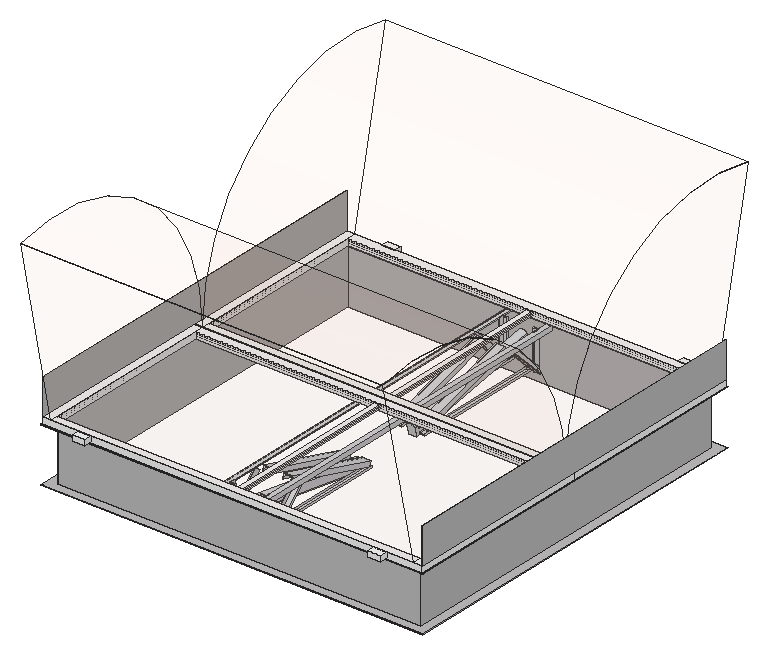
Revit family "Aluco Fire SP 2P (HI) (en)", category Generic Models, Revit 2020
Family settings
  Can host rebar = No
  Round Connector Dimension = Use Diameter
  Part Type = Normal
  OmniClass Number = 23.60.70.14.11
  OmniClass Title = Smoke Dampers
  Work Plane-Based = Yes
  Always vertical = No
  Cut with Voids When Loaded = Yes
  Shared = No
  Room Calculation Point = No
Parameters (values of type "bridge-free system with pneumatic drive")
  Opening length [instance] = [Vent width (B)] + 2 * [Opening narrowing (Length)]  # 2000 mm
  Note [instance] = if(or([Vent span (A)] > 3000 mm, [Vent span (A)] < 1800 mm, [Vent width (B)] > 3500 mm, [Vent width (B)] < 1900 mm), "The manufacturer's recommended dimensions have been exceeded", "-")  # "-"
  Opening narrowing (span) [instance] = 0 mm
  Opening narrowing (Length) [instance] = 0 mm
  Wind exposure classification = "WL 1500"  # constant formula
  Vent width (B) [instance] = 2000 mm
  Vent span (A) [instance] = 2000 mm
  Space for thermal insulation [instance] = if([Space for thermal insulation (variant)] < 2, 50 mm, if([Space for thermal insulation (variant)] < 3, 80 mm, if([Space for thermal insulation (variant)] < 4, 100 mm, if([Space for thermal insulation (variant)] < 5, 150 mm, 200 mm))))  # 50 mm
  Smoke exhaust surface [instance] = 1.00 m² * size_lookup("ALUCO FIRE SP 2P (HI)", if(and([Opening narrowing (span)] = 0 mm, [Opening narrowing (Length)] = 0 mm, Deflectors), "Prosta z owiewkami", if(and([Opening narrowing (span)] = 0 mm, [Opening narrowing (Length)] = 0 mm, not(Deflectors)), "Prosta bez owiewek", if(and(or([Opening narrowing (span)] > 0 mm, [Opening narrowing (Length)] > 0 mm), Deflectors), "Skośna z owiewkami", "Skośna bez owiewek"))), 0 mm, round([Vent span (A)] / 100 mm) * 100 mm, round([Vent width (B)] / 100 mm) * 100 mm) / 1 mm  # 2.62 m²
  Reliability of operation = "RE 10000"  # constant formula
  Range of motion [instance] = yes
  URL = "https://aluco.com.pl/"
  Profile material = Aluco - aluminum
  Product URL = "https://aluco.com.pl/oferta/oddymianie/klapy-punktowe/"
  Power supply = 0 V
  Panel thickness [instance] = if([Filling thickness (variant)] < 3, 10 mm, if([Filling thickness (variant)] < 5, 16 mm, if([Filling thickness (variant)] < 7, 20 mm, if([Filling thickness (variant)] < 9, 25 mm, if([Filling thickness (variant)] < 11, 20 mm, if([Filling thickness (variant)] < 13, 26 mm, 32 mm))))))  # 10 mm
  Panel material = Aluco - polycarbonate
  Opening span [instance] = [Vent span (A)] + 2 * [Opening narrowing (span)]  # 2000 mm
  Opening angle = 90.00°  # constant formula
  High temperature resistance class = "B 300"  # constant formula
  Heat transfer coefficient [instance] = "For verification after contact with the Manufacturer"  # constant formula
  Fall protection safety grids [instance] = no
  Economic system = no
  Drive type = "pneumatic drive"
  Deflector material = Aluco - galvanized steel
  Confirmed performance in extremely low temperatures = "T -15"  # constant formula
  Bridge-free system = not(Economic system)  # yes
  Span [instance] = "from 1800 mm x 1900 mm to 3000 mm x 3500 mm"  # constant formula
  Space for thermal insulation (variant) [instance] = 0
  Maximum snow load = "SL 2000"  # constant formula
  Manufacturer = "ALUCO SYSTEM SP. Z O.O"  # constant formula
  Geometric surface [instance] = 1.00 m² * size_lookup("ALUCO FIRE SP 2P (HI)", "Powierzchnia geometryczna", 0 mm, round([Vent span (A)] / 100 mm) * 100 mm, round([Vent width (B)] / 100 mm) * 100 mm) / 1 mm  # 4.00 m²
  Description = "Double-leaf smoke damper with a straight and straight-slant base"  # constant formula
  Type Image = ALUCO FIRE SP 1P (HI).png
  Installation [instance] = if(and([Opening narrowing (span)] = 0 mm, [Opening narrowing (Length)] = 0 mm), "montage on a straight base", "montage on a straight-slant base")  # "montage on a straight base"
  Model = "Fire SP 2P (HI)"
  Type Comments = "Smoke damper in a bridge-free system with increased thermal insulation"
  Safety classification against drop from height = "SB 1200"  # constant formula
  Fire protection class = "BRoof (t1)"  # constant formula
  Catalog card [instance] = "no link to the card"
  IfcExportAs = "\"IfcWindowType\""
  Filling thickness (variant) [instance] = 1
  Base panel thickness (variant) [instance] = 0
  Deflectors [instance] = yes
  Default Elevation = 0 mm  # constant formula
  Base panel thickness [instance] = if([Base panel thickness (variant)] < 2, 1.5 mm, 2 mm)  # 1.5 mm
  Base material = Aluco - galvanized steel
  Base height [instance] = 300 mm
Types (7, lengths in mm): name | Power supply | Economic system | Drive type | Bridge-free system | Model | Type Comments
  (no name) | 0 V | no | "pneumatic drive" | yes | "Fire SP 2P (HI)" | "Smoke damper in a bridge-free system with increased thermal insulation"
  bridge-free system with pneumatic drive | 0 V | no | "pneumatic drive" | yes | "Fire SP 2P (HI)" | "Smoke damper in a bridge-free system with increased thermal insulation"
  economical system with pneumatic drive | 0 V | yes | "pneumatic drive" | no | "Fire SP 2P" | "Smoke damper in a economical system"
  bridge-free system with pneumatic-electric drive | 230 V | no | "pneumatic-electric drive" | yes | "Fire SP 2P (HI)" | "Smoke damper in a bridge-free system with increased thermal insulation"
  bridge-free system with electric drive | 230 V | no | "electric drive" | yes | "Fire SP 2P (HI)" | "Smoke damper in a bridge-free system with increased thermal insulation"
  economical system with pneumatic-electric drive | 230 V | yes | "pneumatic-electric drive" | no | "Fire SP 2P" | "Smoke damper in a economical system"
  economical system with electric drive | 230 V | yes | "electric drive" | no | "Fire SP 2P" | "Smoke damper in a economical system"
Reference planes
  plane 1 "Środek (Przód/Tył)": y = 0
  plane 2: z = 0
  plane 3 "Środek (Lewa/Prawa)": x = 205.773
  plane 4: z = 300
  plane 5: x = -794.227
  plane 6: y = 1000
  plane 7: x = 1205.773
  plane 8: y = -1000
  plane 9: x = -794.227
  plane 10: y = -1000
  plane 11: x = 1205.773
  plane 12: y = 1000
  plane 13: x = -794.227
  plane 14: x = 1205.773
  plane 15: z = 500
  plane 16: z = -700
Forms (mm)
  Extrusion 1, solid, material "Aluco - galvanized steel" <- "Base material", detail levels medium+fine
    sketch origin (0, 0, 0) x (1, 0, 0) y (0, 1, 0)
      loop
        line (-845.727, 1051.5) -> (-845.727, -1051.5) -> (1257.273, -1051.5) -> (1257.273, 1051.5) -> (-845.727, 1051.5)
      loop
        line (-794.227, 1000) -> (-794.227, -1000) -> (1205.773, -1000) -> (1205.773, 1000) -> (-794.227, 1000)
    from 0 to 1.5 <- "Base panel thickness"
  Extrusion 2, solid, material "Aluco - galvanized steel" <- "Base material", detail levels medium+fine
    sketch origin (4267.2, -1436.636, 300) x (0, -1, 0) y (1, 0, 0)
      loop
        line (-2436.636, -5061.427) -> (-436.636, -5061.427) -> (-436.636, -3061.427) -> (-2436.636, -3061.427) -> (-2436.636, -5061.427)
      loop
        line (-2488.136, -5112.927) -> (-385.136, -5112.927) -> (-385.136, -3009.927) -> (-2488.136, -3009.927) -> (-2488.136, -5112.927)
    from 0 to 1.5
  Blend 3, solid, material "Aluco - galvanized steel" <- "Base material", detail levels medium+fine
    base sketch origin (0, 0, 0) x (1, 0, 0) y (0, 1, 0)
      loop
        line (-795.727, 1001.5) -> (-795.727, -1001.5) -> (1207.273, -1001.5) -> (1207.273, 1001.5) -> (-795.727, 1001.5)
    top sketch origin (0, 0, 0) x (1, 0, 0) y (0, 1, 0)
      loop
        line (-795.727, 1001.5) -> (-795.727, -1001.5) -> (1207.273, -1001.5) -> (1207.273, 1001.5) -> (-795.727, 1001.5)
    from 0 to 300
  Blend 4, void
    base sketch origin (0, 0, 0) x (1, 0, 0) y (0, 1, 0)
      loop
        line (-794.227, 1000) -> (-794.227, -1000) -> (1205.773, -1000) -> (1205.773, 1000) -> (-794.227, 1000)
    top sketch origin (0, 0, 0) x (1, 0, 0) y (0, 1, 0)
      loop
        line (-794.227, 1000) -> (-794.227, -1000) -> (1205.773, -1000) -> (1205.773, 1000) -> (-794.227, 1000)
    from 0 to 300
  Extrusion 5, solid, detail levels coarse
    sketch origin (0, 0, 0) x (1, 0, 0) y (0, 1, 0)
      loop
        line (-794.227, 1000) -> (-794.227, -1000) -> (1205.773, -1000) -> (1205.773, 1000) -> (-794.227, 1000)
    from 0 to 500
  Extrusion 6, void
    sketch origin (0, 0, 0) x (1, 0, 0) y (0, 1, 0)
      loop
        line (-794.227, 1000) -> (-794.227, -1000) -> (1205.773, -1000) -> (1205.773, 1000) -> (-794.227, 1000)
    from -700 to 300
  Extrusion 7, solid, material "Aluco - fall protection safety grids", visible <- "Fall protection safety grids"
    sketch origin (4267.2, -1436.636, 300) x (0, -1, 0) y (1, 0, 0)
      loop
        line (-436.636, -5061.427) -> (-436.636, -3061.427) -> (-2436.636, -3061.427) -> (-2436.636, -5061.427) -> (-436.636, -5061.427)
    from 0 to -5
Cuts and joins
  Blend 4 cuts Blend 3
  joined: Extrusion 1, Extrusion 2, Blend 3
Lines and regions (mm)
  reference lines
    curve 1: line (-844.227, 1050, 0) -> (1255.773, 1050, 0)
    curve 2: line (-844.227, -1050, 0) -> (-844.227, 1050, 0)
    curve 3: line (1255.773, -1050, 0) -> (-844.227, -1050, 0)
    curve 4: line (1255.773, 1050, 0) -> (1255.773, -1050, 0)
    curve 5: line (-844.227, 1050, 0) -> (1255.773, 1050, 0)
    curve 6: line (-844.227, -1050, 0) -> (-844.227, 1050, 0)
    curve 7: line (1255.773, -1050, 0) -> (-844.227, -1050, 0)
    curve 8: line (1255.773, 1050, 0) -> (1255.773, -1050, 0)
Dimensions and locks
  "Base height": plane 4 to level
  equal spacing: plane 5, plane 3 "Środek (Lewa/Prawa)", plane 7
  "Opening length": plane 5 to plane 7
  equal spacing: plane 6, plane 1 "Środek (Przód/Tył)", plane 8
  "Opening span": plane 6 to plane 8
  equal spacing: plane 10, plane 1 "Środek (Przód/Tył)", plane 12
  "Vent span (A)": plane 10 to plane 12
  equal spacing: plane 9, plane 3 "Środek (Lewa/Prawa)", plane 11
  "Vent width (B)": plane 9 to plane 11
  "Space for thermal insulation": curve 5 to plane 6
  "Space for thermal insulation": curve 6 to plane 5
  "Space for thermal insulation": curve 2 to plane 9
  "Space for thermal insulation": plane 12 to curve 1
  "Space for thermal insulation": plane 11 to curve 4
  "Space for thermal insulation": plane 10 to curve 3
  "Space for thermal insulation": curve 7 to plane 8
  "Space for thermal insulation": plane 7 to curve 8
  "Base panel thickness": curve 8 to Extrusion 1 sketch curve
  "Base panel thickness": curve 7 to Extrusion 1 sketch curve
  "Base panel thickness": curve 5 to Extrusion 1 sketch curve
  "Base panel thickness": Extrusion 1 sketch curve to curve 6
  "Base panel thickness": Extrusion 2 sketch curve to curve 2
  "Base panel thickness": curve 4 to Extrusion 2 sketch curve
  "Base panel thickness": Extrusion 2 sketch curve to curve 1
  "Base panel thickness": Extrusion 2 sketch curve to curve 3
  "Base panel thickness": Blend 3 sketch curve to plane 5
  "Base panel thickness": plane 8 to Blend 3 sketch curve
  "Base panel thickness": plane 7 to Blend 3 sketch curve
  "Base panel thickness": Blend 3 sketch curve to plane 6
  "Base panel thickness": plane 11 to Blend 3 sketch curve
  "Base panel thickness": plane 12 to Blend 3 sketch curve
  "Base panel thickness": plane 10 to Blend 3 sketch curve
  "Base panel thickness": Blend 3 sketch curve to plane 9
  "Vent width (B)": plane 13 to plane 14
  equal spacing: plane 13, plane 3 "Środek (Lewa/Prawa)", plane 14
  locked: plane 15 to plane 4 at 200
  locked: plane 2 to plane 16 at 700
  equal spacing: nested 1, plane 1 "Środek (Przód/Tył)", nested 3
  aligned and locked: level to plane 2
  aligned and locked: Extrusion 1 sketch curve to plane 5
  aligned and locked: Extrusion 1 sketch curve to plane 6
  aligned and locked: Extrusion 1 sketch curve to plane 7
  aligned and locked: Extrusion 1 sketch curve to plane 8
  aligned and locked: Extrusion 2 sketch curve to plane 9
  aligned and locked: Extrusion 2 sketch curve to plane 12
  aligned and locked: Extrusion 2 sketch curve to plane 11
  aligned and locked: Extrusion 2 sketch curve to plane 10
  aligned and locked: plane 4 to Blend 3
  aligned and locked: Blend 4 sketch curve to plane 5
  aligned and locked: Blend 4 sketch curve to plane 6
  aligned and locked: Blend 4 sketch curve to plane 7
  aligned and locked: Blend 4 sketch curve to plane 8
  aligned and locked: Blend 4 sketch curve to plane 9
  aligned and locked: Blend 4 sketch curve to plane 10
  aligned and locked: Blend 4 sketch curve to plane 11
  aligned and locked: Blend 4 sketch curve to plane 12
  aligned and locked: plane 4 to Blend 4
  aligned and locked: plane 10 to nested 1
  aligned and locked: plane 12 to nested 1
  aligned and locked: nested 2 to plane 3 "Środek (Lewa/Prawa)"
  aligned and locked: nested 3 to plane 3 "Środek (Lewa/Prawa)"
  aligned and locked: Extrusion 5 to plane 15
  aligned and locked: Extrusion 5 to plane 2
  aligned and locked: Extrusion 6 sketch curve to plane 6
  aligned and locked: plane 5 to Extrusion 6 sketch curve
  aligned and locked: Extrusion 6 sketch curve to plane 8
  aligned and locked: Extrusion 6 sketch curve to plane 7
  aligned and locked: Extrusion 6 to plane 16
  aligned and locked: plane 4 to Extrusion 6
  aligned and locked: Extrusion 5 sketch curve to plane 5
  aligned and locked: Extrusion 5 sketch curve to plane 7
  aligned and locked: Extrusion 5 sketch curve to plane 8
  aligned and locked: Extrusion 5 sketch curve to plane 6
  aligned and locked: Extrusion 7 sketch curve to plane 13
  aligned and locked: Extrusion 7 sketch curve to plane 14
  aligned and locked: Extrusion 7 sketch curve to plane 10
  aligned and locked: Extrusion 7 sketch curve to plane 12
Nested families
  nested 1: "Double-leaf damper actuator" at (205.773, -1000, 300) x (0, 1, 0) z (0, 0, 1), type "Double-leaf damper actuator", detail levels fine
    with Długość prowadnic 2000 mm
  nested 2: "Damper" at (705.773, 523.25, 300) x (-1, 0, 0) z (0, 0, 1), Materiał profili <- "Profile material", Materiał płyty <- "Panel material", Rozpiętość klapy <- "Vent width (B)", Szerokość klapy <- "Vent width (B)", Materiał owiewki <- "Deflector material", Owiewki <- "Deflectors", Zakres ruchu <- "Range of motion", type "Damper", detail levels medium+fine
    with Zakres ruchu yes, Szerokość klapy 2000 mm, Rozpiętość klapy 2000 mm, Owiewki yes, Materiał płyty Aluco - polycarbonate, Materiał profili Aluco - aluminum, Materiał owiewki Aluco - galvanized steel, Grubość wypełnienia (wariant) 1, Grubość płyty 10 mm, Grubość profilu' 46.5 mm, Grubość profilu 35 mm
  nested 3: "Actuator" at (205.773, 1000, 300) x (0, -1, 0) z (0, 0, 1), type "Actuator", detail levels fine
    with Długość prowadnic 1500 mm
Connectors
  electrical at (205.773, 0, 0), driven by "Power supply"
    settings: index 1, voltage 0 V, apparent load 0 VA, apparent load phase1 0 VA, apparent load phase2 0 VA, apparent load phase3 0 VA, power factor 1, load classification "Inne", number of poles 1, system type 30, power factor state 1, is connector primary yes, connector utility no, sub classification motor no, connector description ""
Definition of nested family "Double-leaf damper actuator"
  Parameters (values of type "Siłownik klapy jednoskrzydłowej zamkniętej")
    Define Thermal Properties by = 1
    Analytic Construction = "<Brak>"
    Długość prowadnic [instance] = 1500 mm
    Default Elevation = 0 mm  # constant formula
  Reference planes
    plane 1 "Środek (Przód/Tył)": y = 0
    plane 2: z = 0
    plane 3 "Środek (Lewa/Prawa)": x = 0
    plane 4: z = -200
    plane 5: y = -125
    plane 6: y = 125
    plane 7: x = 600
    plane 8: x = 1500
    plane 9: y = -98
    plane 10: y = 98
    plane 11: y = -78
    plane 12: y = 78
    plane 13: x = 1500
    plane 14: x = 1464.07
    plane 15: z = -77
    plane 16: z = -250
    plane 17: x = -110
    plane 18: x = 1800
    plane 19: x = 290
    plane 20: x = 60.93
    plane 21: x = 1087.93
    plane 22: x = 41.93
    plane 23: x = 1060.884
    plane 24: x = 265
    plane 25: x = 864.842
  Forms (mm)
    Extrusion 1, solid
      sketch origin (0, 0, 0) x (1, 0, 0) y (0, 1, 0)
        loop
          line (-1219.2, 1219.2) -> (-1219.2, -1219.2) -> (1219.2, -1219.2) -> (1219.2, 1219.2) -> (-1219.2, 1219.2)
      from 0 to -304.8
    Sweep 2, solid, detail levels medium+fine
      path in 3D
        loop
          line (0, -125, 0) -> (1500, -125, 0)
      profile origin (750, -125, 0) x (0, 0, 1) y (0, -1, 0)
        loop
          line (0, -27) -> (0, 0) -> (-27, 0) -> (-27, -3) -> (-3, -3) -> (-3, -27) -> (0, -27)
    Sweep 3, solid, detail levels medium+fine
      path in 3D
        loop
          line (0, 125, 0) -> (1500, 125, 0)
      profile origin (750, 125, 0) x (0, 0, -1) y (0, 1, 0)
        loop
          line (0, -27) -> (3, -27) -> (3, -3) -> (27, -3) -> (27, 0) -> (0, 0) -> (0, -27)
    Sweep 4, solid, detail levels medium+fine
      path origin (73.93, -98, 0) x (1, 0, 0) y (0, 0, 1)
        loop
          line (0, 0) -> (0, -200)
      profile origin (73.93, -98, -100) x (0, -1, 0) y (1, 0, 0)
        loop
          line (-27, -13) -> (0, -13) -> (0, 14) -> (-3, 14) -> (-3, -10) -> (-27, -10) -> (-27, -13)
    Sweep 5, solid, detail levels medium+fine
      path origin (73.93, 98, 0) x (1, 0, 0) y (0, 0, -1)
        loop
          line (0, 0) -> (0, 200)
      profile origin (73.93, 98, -100) x (0, 1, 0) y (-1, 0, 0)
        loop
          line (-27, 13) -> (-27, 10) -> (-3, 10) -> (-3, -14) -> (0, -14) -> (0, 13) -> (-27, 13)
    Sweep 6, solid, detail levels medium+fine
      path in 3D
        loop
          line (87.677, -98.752, -199.873) -> (260.918, -98.752, -26.632)
      profile origin (174.297, -98.752, -113.252) x (-0.707107, 0, 0.707107) y (0, -1, 0)
        loop
          line (29.82, 3) -> (2.82, 3) -> (2.82, 30) -> (-0.18, 30) -> (-0.18, 0) -> (29.82, 0) -> (29.82, 3)
    Sweep 7, solid, detail levels medium+fine
      path in 3D
        loop
          line (87.677, 98, -199.873) -> (260.918, 98, -26.632)
      profile origin (174.297, 98, -113.252) x (0.707107, 0, -0.707107) y (0, 1, 0)
        loop
          line (-29.82, 3) -> (-29.82, 0) -> (0.18, 0) -> (0.18, 30) -> (-2.82, 30) -> (-2.82, 3) -> (-29.82, 3)
    Sweep 8, solid, detail levels medium+fine
      path in 3D
        loop
          line (50.727, 63, -200.156) -> (817.931, 63, -200.156)
      profile origin (434.329, 63, -200.156) x (0, 0, -1) y (0, 1, 0)
        loop
          line (0, 0) -> (0, 15) -> (-8, 15) -> (-8, 13.5) -> (-1.5, 13.5) -> (-1.5, -13.5) -> (-8, -13.5) -> (-8, -15) -> (0, -15) -> (0, 0)
    Sweep 9, solid, detail levels medium+fine
      path in 3D
        loop
          line (87.931, -63, -200.156) -> (817.931, -63, -200.156)
      profile origin (452.931, -63, -200.156) x (0, 0, 1) y (0, -1, 0)
        loop
          line (-0.001, -15) -> (8, -15) -> (8, -13.517) -> (1.5, -13.517) -> (1.5, 13.5) -> (7.999, 13.5) -> (7.999, 15) -> (-0.001, 15) -> (-0.001, -15)
    Sweep 10, solid, detail levels medium+fine
      path in 3D
        loop
          line (41.93, 0, -77) -> (808.69, 0, -207.193)
      profile origin (425.31, 0, -142.096) x (0.1674, 0, 0.985889) y (0, -1, 0)
        loop
          line (-26.036, 0) -> (-26.036, -20) -> (-22.5, -23.536) -> (22.5, -23.536)
          arc (22.5, -23.536) -> (35.498, 0) -> (22.5, 23.536) r 27.807
          line (22.5, 23.536) -> (-22.5, 23.536) -> (-26.036, 20) -> (-26.036, 0)
    Sweep 11, solid, detail levels medium+fine
      path in 3D
        loop
          line (802.089, -54.464, -173.632) -> (265, -54.464, -15.092)
      profile origin (533.545, -54.464, -94.362) x (-0.283108, 0, -0.959088) y (0, -1, 0)
        loop
          line (11.579, -23.536) -> (11.579, -20.536) -> (-12.421, -20.536) -> (-12.421, 20.536) -> (11.579, 20.536) -> (11.579, 23.536) -> (-15.421, 23.536) -> (-15.421, -23.536) -> (11.579, -23.536)
    Sweep 12, solid, detail levels medium+fine
      path in 3D
        loop
          line (802.089, 55.536, -173.632) -> (265, 55.536, -15.092)
      profile origin (533.545, 55.536, -94.362) x (-0.283108, 0, -0.959088) y (0, -1, 0)
        loop
          line (11.579, -23.536) -> (11.579, -20.536) -> (-12.421, -20.536) -> (-12.421, 20.536) -> (11.579, 20.536) -> (11.579, 23.536) -> (-15.421, 23.536) -> (-15.421, -23.536) -> (11.579, -23.536)
  Lines and regions (mm)
    reference lines
      curve 1: line (0, -125, 0) -> (1500, -125, 0)
      curve 2: line (0, 125, 0) -> (1500, 125, 0)
      curve 9: line (41.93, 0, -77) -> (1060.8, 0, -250)
      curve 11: line (864.842, -54.464, -192.156) -> (265, -54.464, -15.092)
      curve 13: line (864.842, 55.536, -192.156) -> (265, 55.536, -15.092)
    sketch lines
      curve 3: line (0, -125, 0) -> (1500, -125, 0)
      curve 4: line (0, 125, 0) -> (1500, 125, 0)
      curve 5: line (87.677, -98.752, -199.873) -> (260.918, -98.752, -26.632)
      curve 6: line (87.677, 98, -199.873) -> (260.918, 98, -26.632)
      curve 7: line (50.727, 63, -200.156) -> (817.931, 63, -200.156)
      curve 8: line (87.931, -63, -200.156) -> (817.931, -63, -200.156)
      curve 10: line (41.93, 0, -77) -> (808.69, 0, -207.193)
      curve 12: line (802.089, -54.464, -173.632) -> (265, -54.464, -15.092)
      curve 14: line (802.089, 55.536, -173.632) -> (265, 55.536, -15.092)
  Dimensions and locks
    "Długość prowadnic": plane 8 to plane 3 "Środek (Lewa/Prawa)"
    locked: plane 2 to plane 4 at 200
    equal spacing: plane 5, plane 1 "Środek (Przód/Tył)", plane 6
    locked: plane 5 to plane 6 at 250
    locked: plane 9 to plane 11 at 20
    locked: plane 12 to plane 10 at 20
    equal spacing: plane 11, plane 1 "Środek (Przód/Tył)", plane 12, locked at 78 each
    plane 17 to plane 19 = 400 mm
    aligned and locked: plane 2 to Extrusion 1
    aligned and locked: level to Extrusion 1
    aligned and locked: plane 5 to curve 1
    aligned and locked: plane 20 to Sweep 5
    aligned and locked: plane 20 to Sweep 4
    aligned and locked: plane 22 to curve 9
    aligned and locked: plane 24 to curve 11
    aligned and locked: curve 11 to Sweep 9
  Automatic sketch dimensions
    Extrusion 1 sketch curve to Extrusion 1 sketch curve = 2438.4 mm  (x2)
    curve 9 to plane 16 = 0 mm
    curve 9 to plane 15 = 0 mm
    plane 23 to curve 9 = 0.084 mm
    curve 1 to level = 0 mm
    curve 1 to plane 3 "Środek (Lewa/Prawa)" = 0 mm
    plane 8 to curve 1 = 0 mm
    curve 2 to level = 0 mm
    curve 2 to plane 3 "Środek (Lewa/Prawa)" = 0 mm
    plane 8 to curve 2 = 0 mm
    Sweep 2 sketch curve to profile plane = 0 mm
    profile plane to Sweep 2 sketch curve = 0 mm
    Sweep 2 sketch curve to Sweep 2 sketch curve = 3 mm
    Sweep 2 sketch curve to profile plane = 3 mm
    Sweep 2 sketch curve to Sweep 2 sketch curve = 24 mm  (x2)
    Sweep 3 sketch curve to profile plane = 0 mm  (x2)
    Sweep 3 sketch curve to Sweep 3 sketch curve = 3 mm  (x2)
    Sweep 3 sketch curve to Sweep 3 sketch curve = 24 mm  (x2)
    plane 25 to curve 11 = 0 mm
    plane 4 to curve 11 = 7.844 mm
    curve 11 to level = 15.092 mm
    plane 24 to curve 13 = 0 mm
    plane 25 to curve 13 = 0 mm
    plane 4 to curve 13 = 7.844 mm
    curve 13 to level = 15.092 mm
    Sweep 4 sketch curve to plane 4 = 0 mm
    Sweep 4 sketch curve to level = 0 mm
    Sweep 4 sketch curve to plane 20 = 13 mm
    profile plane to Sweep 4 sketch curve = 0 mm
    Sweep 4 sketch curve to profile plane = 3 mm
    Sweep 4 sketch curve to Sweep 4 sketch curve = 24 mm
    profile plane to Sweep 4 sketch curve = 13 mm
    Sweep 4 sketch curve to Sweep 4 sketch curve = 3 mm
    Sweep 4 sketch curve to profile plane = 14 mm
    Sweep 5 sketch curve to plane 4 = 0 mm
    Sweep 5 sketch curve to level = 0 mm
    Sweep 5 sketch curve to plane 20 = 13 mm
    Sweep 5 sketch curve to profile plane = 0 mm
    Sweep 5 sketch curve to profile plane = 3 mm
    Sweep 5 sketch curve to Sweep 5 sketch curve = 24 mm
    profile plane to Sweep 5 sketch curve = 14 mm
    Sweep 5 sketch curve to profile plane = 10 mm
    Sweep 5 sketch curve to Sweep 5 sketch curve = 3 mm
    profile plane to Sweep 6 sketch curve = 0 mm
    profile plane to Sweep 6 sketch curve = 0.18 mm
    Sweep 6 sketch curve to profile plane = 2.82 mm
    Sweep 6 sketch curve to Sweep 6 sketch curve = 27 mm  (x2)
    Sweep 6 sketch curve to Sweep 6 sketch curve = 3 mm
    Sweep 7 sketch curve to profile plane = 0 mm
    profile plane to Sweep 7 sketch curve = 3 mm
    profile plane to Sweep 7 sketch curve = 29.82 mm
    profile plane to Sweep 7 sketch curve = 2.82 mm
    Sweep 7 sketch curve to profile plane = 0.18 mm
    Sweep 7 sketch curve to Sweep 7 sketch curve = 27 mm
    Sweep 8 sketch curve to profile plane = 0 mm  (x2)
    profile plane to Sweep 8 sketch curve = 1.5 mm
    Sweep 8 sketch curve to Sweep 8 sketch curve = 6.5 mm  (x2)
    Sweep 8 sketch curve to profile plane = 13.5 mm
    Sweep 8 sketch curve to Sweep 8 sketch curve = 1.5 mm  (x2)
    profile plane to Sweep 8 sketch curve = 13.5 mm
    profile plane to Sweep 9 sketch curve = 0.001 mm
    Sweep 9 sketch curve to profile plane = 1.5 mm
    Sweep 9 sketch curve to Sweep 9 sketch curve = 6.499 mm
    Sweep 9 sketch curve to Sweep 9 sketch curve = 6.5 mm
    Sweep 9 sketch curve to profile plane = 15 mm
    Sweep 9 sketch curve to Sweep 9 sketch curve = 1.483 mm
    profile plane to Sweep 9 sketch curve = 13.5 mm
    Sweep 9 sketch curve to Sweep 9 sketch curve = 1.5 mm
    Sweep 10 sketch curve to profile plane = 0 mm  (x2)
    profile plane to Sweep 10 sketch curve = 26.036 mm
    Sweep 10 sketch curve to Sweep 10 sketch curve = 3.536 mm  (x4)
    Sweep 10 sketch curve to profile plane = 7.692 mm
    Sweep 10 sketch curve to profile plane = 22.5 mm  (x2)
    Sweep 10 sketch curve to Sweep 10 sketch curve = 20 mm
    profile plane to Sweep 11 sketch curve = 15.421 mm
    Sweep 11 sketch curve to Sweep 11 sketch curve = 3 mm  (x3)
    Sweep 11 sketch curve to profile plane = 11.579 mm  (x2)
    Sweep 11 sketch curve to profile plane = 23.536 mm
    profile plane to Sweep 11 sketch curve = 20.536 mm
    profile plane to Sweep 12 sketch curve = 15.421 mm
    Sweep 12 sketch curve to Sweep 12 sketch curve = 3 mm  (x3)
    Sweep 12 sketch curve to profile plane = 11.579 mm  (x2)
    Sweep 12 sketch curve to profile plane = 23.536 mm
    profile plane to Sweep 12 sketch curve = 20.536 mm
Definition of nested family "Damper"
  Parameters (values of type "Klapa")
    Define Thermal Properties by = 1
    Zakres ruchu [instance] = yes
    Szerokość klapy [instance] = 2000 mm
    Rozpiętość klapy [instance] = 2000 mm
    Owiewki [instance] = yes
    Materiał płyty [instance] = none
    Materiał profili [instance] = none
    Materiał owiewki [instance] = none
    Analytic Construction = "<Brak>"
    Grubość wypełnienia (wariant) [instance] = 1
    Grubość płyty [instance] = if([Grubość wypełnienia (wariant)] < 3, 10 mm, if([Grubość wypełnienia (wariant)] < 5, 16 mm, if([Grubość wypełnienia (wariant)] < 7, 20 mm, if([Grubość wypełnienia (wariant)] < 9, 25 mm, if([Grubość wypełnienia (wariant)] < 11, 20 mm, if([Grubość wypełnienia (wariant)] < 13, 26 mm, 32 mm))))))  # 10 mm
    Grubość profilu' [instance] = Grubość profilu + 11.5 mm  # 46.5 mm
    Grubość profilu [instance] = if(2 * Grubość płyty < 35 mm, 35 mm, 2 * Grubość płyty)  # 35 mm
    Default Elevation = 0 mm
  Reference planes
    plane 1 "Środek (Przód/Tył)": y = 0
    plane 2: z = 0
    plane 3 "Środek (Lewa/Prawa)": x = -500
    plane 4: y = -476.75
    plane 5: y = 476.75
    plane 6: z = 0
    plane 7: x = 1500
    plane 8: x = 500
    plane 9: z = 25
    plane 10: z = 15
    plane 11: z = 35
    plane 12: y = 523.25
    plane 13: y = 569.75
    plane 14: y = 1523.25
    plane 15: y = 1046.5
  Forms (mm)
    Sweep 1, solid, material <- "Materiał profili"
      path origin (0, 0, 0) x (1, 0, 0) y (0, 1, 0)
        loop
          line (-500, 476.75) -> (-500, -476.75) -> (1500, -476.75) -> (1500, 476.75) -> (-500, 476.75)
      profile "Rama : Rama" origin (-500, 0, 0) x (1, 0, 0) y (0, 0, 1)
        loop
          line (0, 0) -> (0, 35) -> (-46.5, 35) -> (-46.5, 0) -> (0, 0)
    Blend 2, solid, material <- "Materiał płyty"
      base sketch origin (-500, 0, 0) x (0, 1, 0) y (0, 0, 1)
        loop
          line (-476.75, 25) -> (-476.75, 15) -> (476.75, 15) -> (476.75, 25) -> (-476.75, 25)
      top sketch origin (-500, 0, 0) x (0, 1, 0) y (0, 0, 1)
        loop
          arc (-476.75, 15) -> (0, 34.822) -> (476.75, 15) r 5743.257
          line (476.75, 15) -> (476.75, 25.234)
          arc (476.75, 25.234) -> (0, 45.021) -> (-476.75, 25.234) r 5753.455
          line (-476.75, 25.234) -> (-476.75, 15)
      from 0 to 1000
    Blend 3, solid, material <- "Materiał płyty"
      base sketch origin (1000, 0, 0) x (0, 1, 0) y (0, 0, -1)
        loop
          line (-476.75, -25) -> (476.75, -25) -> (476.75, -15) -> (-476.75, -15) -> (-476.75, -25)
      top sketch origin (1000, 0, 0) x (0, 1, 0) y (0, 0, -1)
        loop
          line (-476.75, -15) -> (-476.75, -25.234)
          arc (-476.75, -25.234) -> (0, -45.021) -> (476.75, -25.234) r 5753.455
          line (476.75, -25.234) -> (476.75, -15)
          arc (476.75, -15) -> (0, -34.822) -> (-476.75, -15) r 5743.257
      from -500 to 500
    Extrusion 4, solid, material <- "Materiał profili", detail levels fine
      sketch origin (500, 0, 0) x (0, 1, 0) y (0, 0, -1)
        loop
          line (-476.75, -25.234) -> (-476.75, -30.251)
          arc (-476.75, -30.251) -> (0, -50.021) -> (476.75, -30.251) r 5758.455
          line (476.75, -30.251) -> (476.75, -25.234)
          arc (476.75, -25.234) -> (0, -45.021) -> (-476.75, -25.234) r 5753.455
        loop
          line (476.75, -15) -> (476.75, -9.983)
          arc (476.75, -9.983) -> (0, -29.822) -> (-476.75, -9.983) r 5738.257
          line (-476.75, -9.983) -> (-476.75, -15)
          arc (-476.75, -15) -> (0, -34.822) -> (476.75, -15) r 5743.257
      from -14 to 14
    Extrusion 5, solid, material <- "Materiał profili", detail levels fine
      sketch origin (-500, 0, 0) x (0, 1, 0) y (0, 0, 1)
        loop
          line (-523.25, 5) -> (-523.25, 35) -> (-563.25, 35) -> (-563.25, 5) -> (-523.25, 5)
      from 220 to 150
    Extrusion 6, solid, material <- "Materiał profili", detail levels fine
      sketch origin (1500, 1454.305, 1200) x (0, 1, 0) y (0, 0, 1)
        loop
          line (-1977.555, -1165) -> (-2017.555, -1165) -> (-2017.555, -1195) -> (-1977.555, -1195) -> (-1977.555, -1165)
      from -220 to -150
    Sweep 7, solid, material <- "Materiał profili"
      path origin (0, 2093, 0) x (1, 0, 0) y (0, -1, 0)
        loop
          line (-500, 1523.25) -> (-500, 569.75) -> (1500, 569.75) -> (1500, 1523.25) -> (-500, 1523.25)
      profile "Rama : Rama" origin (-500, 1046.5, 0) x (-1, 0, 0) y (0, 0, 1)
        loop
          line (0, 0) -> (46.5, 0) -> (46.5, 35) -> (0, 35) -> (0, 0)
    Blend 8, solid, material <- "Materiał płyty"
      base sketch origin (-500, 1046.5, 0) x (0, -1, 0) y (0, 0, -1)
        loop
          line (-476.75, -25) -> (476.75, -25) -> (476.75, -15) -> (-476.75, -15) -> (-476.75, -25)
      top sketch origin (-500, 1046.5, 0) x (0, -1, 0) y (0, 0, -1)
        loop
          line (-476.75, -15) -> (-476.75, -25.234)
          arc (-476.75, -25.234) -> (0, -45.021) -> (476.75, -25.234) r 5753.455
          line (476.75, -25.234) -> (476.75, -15)
          arc (476.75, -15) -> (0, -34.822) -> (-476.75, -15) r 5743.257
      from 0 to 1000
    Blend 9, solid, material <- "Materiał płyty"
      base sketch origin (1000, 1046.5, 0) x (0, -1, 0) y (0, 0, 1)
        loop
          line (-476.75, 25) -> (-476.75, 15) -> (476.75, 15) -> (476.75, 25) -> (-476.75, 25)
      top sketch origin (1000, 1046.5, 0) x (0, -1, 0) y (0, 0, 1)
        loop
          arc (-476.75, 15) -> (0, 34.822) -> (476.75, 15) r 5743.257
          line (476.75, 15) -> (476.75, 25.234)
          arc (476.75, 25.234) -> (0, 45.021) -> (-476.75, 25.234) r 5753.455
          line (-476.75, 25.234) -> (-476.75, 15)
      from -500 to 500
    Extrusion 10, solid, material <- "Materiał profili", detail levels fine
      sketch origin (500, 1546.5, 0) x (0, -1, 0) y (0, 0, 1)
        loop
          arc (23.25, 25.234) -> (500, 45.021) -> (976.75, 25.234) r 5753.455
          line (976.75, 25.234) -> (976.75, 30.274)
          arc (976.75, 30.274) -> (500, 50.043) -> (23.25, 30.274) r 5758.478
          line (23.25, 30.274) -> (23.25, 25.234)
        loop
          arc (976.75, 15) -> (500, 34.822) -> (23.25, 15) r 5743.257
          line (23.25, 15) -> (23.25, 9.96)
          arc (23.25, 9.96) -> (500, 29.799) -> (976.75, 9.96) r 5738.234
          line (976.75, 9.96) -> (976.75, 15)
      from -14 to 14
    Extrusion 11, solid, material <- "Materiał profili", detail levels fine
      sketch origin (1500, 1523.25, 0) x (0, -1, 0) y (0, 0, 1)
        loop
          line (-86.5, 35) -> (-86.5, 5) -> (-46.5, 5) -> (-46.5, 35) -> (-86.5, 35)
      from 220 to 150
    Extrusion 12, solid, material <- "Materiał profili", detail levels fine
      sketch origin (-500, 0, 0) x (0, 1, 0) y (0, 0, 1)
        loop
          line (1609.75, 5) -> (1609.75, 35) -> (1569.75, 35) -> (1569.75, 5) -> (1609.75, 5)
      from 220 to 150
    Sweep 13, solid, material <- "Materiał owiewki", visible <- "Owiewki"
      path in 3D
        loop
          line (1546.5, -523.25, 35) -> (1546.5, 523.25, 35) -> (1546.5, 1569.75, 35)
      profile "Owiewka : Owiewka" origin (1546.5, 0, 35) x (-1, 0, 0) y (0, 0, 1)
        loop
          line (0, 0) -> (0, 200) -> (-1.5, 200) -> (-1.5, 0) -> (0, 0)
    Sweep 14, solid, material <- "Materiał owiewki", visible <- "Owiewki"
      path in 3D
        loop
          line (-546.5, -523.25, 35) -> (-546.5, 523.25, 35) -> (-546.5, 1569.75, 35)
      profile "Owiewka : Owiewka" origin (-546.5, 1046.5, 35) x (-1, 0, 0) y (0, 0, 1)
        loop
          line (0, 0) -> (1.5, 0) -> (1.5, 200) -> (0, 200) -> (0, 0)
    Extrusion 15, solid, visible <- "Zakres ruchu"
      sketch origin (-500, 0, 0) x (0, 1, 0) y (0, 0, 1)
        loop
          line (-523.25, 35) -> (523.25, 35)
          arc (523.25, 35) -> (132.011, 828.353) -> (-735.569, 1000.926) r 1000
          line (-735.569, 1000.926) -> (-523.25, 35)
      from 0 to 2000
    Extrusion 16, solid, visible <- "Zakres ruchu"
      sketch origin (-500, 0, 0) x (0, 1, 0) y (0, 0, 1)
        loop
          line (1569.75, 35) -> (1782.069, 1000.926)
          arc (1782.069, 1000.926) -> (914.489, 828.353) -> (523.25, 35) r 1000
          line (523.25, 35) -> (1569.75, 35)
      from 0 to 2000
  Lines and regions (mm)
    symbolic lines
      curve 1: line (-488.5, -475.321, 0) -> (500, 476.75, 0)
      curve 2: line (500, 476.75, 0) -> (1488.5, -475.321, 0)
      curve 11: line (-489.983, 1523.25, 0) -> (500, 569.75, 0)
      curve 12: line (500, 569.75, 0) -> (1489.964, 1523.25, 0)
    symbolic lines, detail levels coarse
      curve 3: line (-500, 476.75, 0) -> (1500, 476.75, 0)
      curve 4: line (-500, -476.75, 0) -> (-500, 476.75, 0)
      curve 5: line (1500, -476.75, 0) -> (-500, -476.75, 0)
      curve 6: line (1500, 476.75, 0) -> (1500, -476.75, 0)
    reference lines
      curve 7: line (-500, -476.75, 0) -> (-500, 0, 62.765)
      curve 8: line (-500, 0, 62.765) -> (-500, 476.75, 0)
      curve 9: line (-500, 1046.5, 62.765) -> (-500, 569.75, 0)
      curve 10: line (-500, 1046.5, 62.765) -> (-500, 1523.25, 0)
    sketch lines
      curve 13: line (1546.5, -523.25, 35) -> (1546.5, 523.25, 35)
      curve 14: line (1546.5, 1569.75, 35) -> (1546.5, 523.25, 35)
      curve 15: line (-546.5, 523.25, 35) -> (-546.5, 1569.75, 35)
      curve 16: line (-546.5, 523.25, 35) -> (-546.5, -523.25, 35)
  Dimensions and locks
    equal spacing: plane 4, plane 1 "Środek (Przód/Tył)", plane 5
    "Szerokość klapy": plane 3 "Środek (Lewa/Prawa)" to plane 7
    equal spacing: plane 3 "Środek (Lewa/Prawa)", plane 8, plane 7
    "Grubość płyty": plane 9 to plane 10
    "Grubość profilu": level to plane 11
    locked: plane 9 to plane 11 at 10
    locked: Extrusion 5 sketch curve to Sweep 1 at 40
    Extrusion 5 sketch curve to Extrusion 5 sketch curve to plane 6 = 30 mm locked, 5 mm locked
    equal spacing: plane 14, plane 12, plane 4
    "Rozpiętość klapy": plane 14 to plane 4
    plane 5 to plane 12 to plane 13 = 46.5 mm locked, 46.5 mm locked
    equal spacing: plane 13, plane 15, plane 14
    locked: Extrusion 11 to Extrusion 11 at 40
    locked: Extrusion 12 sketch curve to Extrusion 12 sketch curve at 30
    locked: Extrusion 12 to Extrusion 12 at 40
    angle plane 6 to curve 7 = 7.50°
    angle curve 8 to level = 7.50°
    locked: plane 6 to curve 9 (angle 7.50°)
    locked: curve 10 to plane 6 (angle 7.50°)
    locked: Extrusion 16 sketch curve to plane 14 (angle 12.397°)
    locked: plane 4 to Extrusion 15 sketch curve (angle 12.397°)
    aligned and locked: level to plane 2
    aligned and locked: plane 4 to curve 5
    aligned and locked: curve 3 to plane 5
    aligned and locked: curve 6 to plane 7
    aligned and locked: plane 3 "Środek (Lewa/Prawa)" to curve 4
    aligned and locked: Sweep 1 sketch curve to plane 3 "Środek (Lewa/Prawa)"
    aligned and locked: Sweep 1 sketch curve to plane 7
    aligned and locked: Sweep 1 sketch curve to plane 5
    aligned and locked: Sweep 1 sketch curve to plane 4
    aligned and locked: plane 4 to curve 7
    aligned and locked: plane 5 to curve 8
    aligned and locked: plane 1 "Środek (Przód/Tył)" to curve 8
    aligned and locked: Blend 2 sketch curve to plane 4  (x2)
    aligned and locked: plane 10 to Blend 2 sketch curve
    aligned and locked: plane 9 to Blend 2 sketch curve
    aligned and locked: plane 5 to Blend 2 sketch curve  (x2)
    aligned and locked: plane 8 to Blend 2
    aligned and locked: Blend 2 to plane 3 "Środek (Lewa/Prawa)"
    aligned and locked: plane 7 to Blend 3
    aligned and locked: Extrusion 4 sketch curve to Blend 3  (x4)
    aligned and locked: Blend 3 to Extrusion 4 sketch curve  (x2)
    aligned and locked: Extrusion 6 sketch curve to Sweep 1
    aligned and locked: Extrusion 5 sketch curve to Sweep 1
    aligned and locked: Extrusion 6 sketch curve to Extrusion 5  (x3)
    aligned and locked: Sweep 7 to plane 14
    aligned and locked: plane 13 to Sweep 7  (x2)
    aligned and locked: Sweep 7 to plane 7
    aligned and locked: plane 3 "Środek (Lewa/Prawa)" to Sweep 7
    aligned and locked: Blend 8 to plane 14
    aligned and locked: Blend 8 to plane 13
    aligned and locked: Blend 8 to plane 3 "Środek (Lewa/Prawa)"
    aligned and locked: plane 8 to Blend 8
    aligned and locked: plane 7 to Blend 9
    aligned and locked: Blend 9 to plane 13
    aligned and locked: Blend 9 to plane 14
    aligned and locked: plane 8 to Blend 9  (x2)
    aligned and locked: plane 15 to curve 9
    aligned and locked: plane 13 to curve 9
    aligned and locked: plane 6 to curve 9
    aligned and locked: curve 10 to plane 6
    aligned and locked: Extrusion 10 sketch curve to plane 13  (x2)
    aligned and locked: Extrusion 10 sketch curve to Blend 9
    aligned and locked: Extrusion 10 sketch curve to plane 14  (x2)
    aligned and locked: Blend 9 to Extrusion 10 sketch curve
    aligned and locked: curve 11 to plane 14
    aligned and locked: plane 13 to curve 11
    aligned and locked: plane 14 to curve 12
    aligned and locked: plane 8 to curve 12
    aligned and locked: Extrusion 11 to Sweep 7
    aligned and locked: Extrusion 12 to Sweep 7
    aligned and locked: plane 7 to Extrusion 15
    aligned and locked: Extrusion 15 to plane 3 "Środek (Lewa/Prawa)"
    aligned and locked: Extrusion 16 to plane 3 "Środek (Lewa/Prawa)"
    aligned and locked: plane 7 to Extrusion 16
  Automatic sketch dimensions
    curve 2 to plane 8 = 0 mm
    plane 3 "Środek (Lewa/Prawa)" to curve 11 = 10.017 mm
    plane 4 to curve 1 = 1.429 mm
    plane 3 "Środek (Lewa/Prawa)" to curve 1 = 11.5 mm
    plane 4 to curve 2 = 1.429 mm
    curve 2 to plane 7 = 11.5 mm
    curve 12 to plane 7 = 10.036 mm
    curve 8 to level = 0 mm
    Blend 2 sketch curve to Blend 2 sketch curve = 0 mm  (x2)
    Blend 2 sketch curve to plane 1 "Środek (Przód/Tył)" = 0 mm
    plane 10 to Blend 2 sketch curve = 0 mm
    Blend 2 sketch curve to level = 5708.435 mm
    plane 9 to Blend 2 sketch curve = 0.234 mm
    Blend 3 sketch curve to plane 4 = 0 mm  (x2)
    Blend 3 sketch curve to plane 5 = 0 mm  (x2)
    Blend 3 sketch curve to plane 9 = 0 mm
    Blend 3 sketch curve to plane 10 = 0 mm  (x2)
    Blend 3 sketch curve to Blend 3 sketch curve = 0 mm  (x2)
    Blend 3 sketch curve to plane 1 "Środek (Przód/Tył)" = 0 mm
    plane 9 to Blend 3 sketch curve = 0.234 mm
    Blend 3 sketch curve to level = 5708.435 mm
    Sweep 7 sketch curve to plane 3 "Środek (Lewa/Prawa)" = 0 mm
    Sweep 7 sketch curve to plane 7 = 0 mm
    Sweep 7 sketch curve to plane 14 = 0 mm
    Sweep 7 sketch curve to plane 13 = 0 mm
    plane 10 to Blend 8 sketch curve = 0 mm  (x2)
    Blend 8 sketch curve to plane 14 = 0 mm  (x2)
    plane 9 to Blend 8 sketch curve = 0 mm
    Blend 8 sketch curve to plane 13 = 0 mm  (x2)
    Blend 8 sketch curve to Blend 8 sketch curve = 0 mm  (x2)
    Blend 8 sketch curve to plane 15 = 0 mm
    level to Blend 8 sketch curve = 5708.435 mm
    Blend 8 sketch curve to plane 9 = 0.234 mm
    Blend 9 sketch curve to plane 10 = 0 mm  (x2)
    Blend 9 sketch curve to plane 14 = 0 mm  (x2)
    Blend 9 sketch curve to plane 9 = 0 mm
    Blend 9 sketch curve to plane 13 = 0 mm  (x2)
    Blend 9 sketch curve to Blend 9 sketch curve = 0 mm  (x2)
    Blend 9 sketch curve to plane 15 = 0 mm
    Blend 9 sketch curve to level = 5708.435 mm
    plane 9 to Blend 9 sketch curve = 0.234 mm
    Extrusion 10 sketch curve to Extrusion 10 sketch curve = 0 mm  (x9)
    Extrusion 10 sketch curve to Extrusion 10 sketch curve = 5.04 mm  (x2)
    Extrusion 10 sketch curve to Extrusion 10 sketch curve = 5718.395 mm
    Extrusion 10 sketch curve to Extrusion 10 sketch curve = 10.234 mm
    Extrusion 11 sketch curve to Sweep 7 = 0 mm
    Extrusion 11 sketch curve to Sweep 7 = 5 mm
    Extrusion 11 sketch curve to Sweep 7 = 86.5 mm
    Extrusion 11 sketch curve to Extrusion 11 sketch curve = 40 mm
    plane 11 to Extrusion 12 sketch curve = 0 mm
    Extrusion 12 sketch curve to plane 14 = 46.5 mm
    Extrusion 12 sketch curve to Extrusion 12 sketch curve = 40 mm
    plane 11 to Extrusion 16 sketch curve = 0 mm
    Extrusion 16 sketch curve to plane 12 = 0 mm
    Extrusion 16 sketch curve to plane 14 = 0 mm
    Extrusion 16 sketch curve to plane 14 = 46.5 mm
    Extrusion 15 sketch curve to plane 4 = 0 mm
    plane 11 to Extrusion 15 sketch curve = 0 mm
    Extrusion 15 sketch curve to plane 12 = 0 mm
    Extrusion 15 sketch curve to plane 4 = 46.5 mm
    radius of Blend 3 to Extrusion 4 sketch curve = 5 mm
    radius of Extrusion 4 sketch curve to Blend 3 = 5 mm
Definition of nested family "Actuator"
  Parameters (values of type "Siłownik")
    Define Thermal Properties by = 1
    Analytic Construction = "<Brak>"
    Długość prowadnic [instance] = 1500 mm
    Default Elevation = 0 mm  # constant formula
  Reference planes
    plane 1 "Środek (Przód/Tył)": y = 0
    plane 2: z = 0
    plane 3 "Środek (Lewa/Prawa)": x = 0
    plane 4: z = -200
    plane 5: y = -125
    plane 6: y = 125
    plane 7: x = 600
    plane 8: x = 1500
    plane 9: y = -98
    plane 10: y = 98
    plane 11: y = -78
    plane 12: y = 78
    plane 13: x = 1500
    plane 14: x = 1464.07
    plane 15: z = -77
    plane 16: z = -250
    plane 17: x = -110
    plane 18: x = 1800
    plane 19: x = 290
    plane 20: x = 60.93
    plane 21: x = 1087.93
    plane 22: x = 41.93
    plane 23: x = 1060.884
    plane 24: x = 265
    plane 25: x = 864.842
  Forms (mm)
    Extrusion 1, solid
      sketch origin (0, 0, 0) x (1, 0, 0) y (0, 1, 0)
        loop
          line (-1219.2, 1219.2) -> (-1219.2, -1219.2) -> (1219.2, -1219.2) -> (1219.2, 1219.2) -> (-1219.2, 1219.2)
      from 0 to -304.8
    Sweep 2, solid, detail levels medium+fine
      path origin (73.93, -98, 0) x (1, 0, 0) y (0, 0, 1)
        loop
          line (0, 0) -> (0, -200)
      profile origin (73.93, -98, -100) x (0, -1, 0) y (1, 0, 0)
        loop
          line (-27, -13) -> (0, -13) -> (0, 14) -> (-3, 14) -> (-3, -10) -> (-27, -10) -> (-27, -13)
    Sweep 3, solid, detail levels medium+fine
      path origin (73.93, 98, 0) x (1, 0, 0) y (0, 0, -1)
        loop
          line (0, 0) -> (0, 200)
      profile origin (73.93, 98, -100) x (0, 1, 0) y (-1, 0, 0)
        loop
          line (-27, 13) -> (-27, 10) -> (-3, 10) -> (-3, -14) -> (0, -14) -> (0, 13) -> (-27, 13)
    Sweep 4, solid, detail levels medium+fine
      path in 3D
        loop
          line (87.677, -98.752, -199.873) -> (260.918, -98.752, -26.632)
      profile origin (174.297, -98.752, -113.252) x (-0.707107, 0, 0.707107) y (0, -1, 0)
        loop
          line (29.82, 3) -> (2.82, 3) -> (2.82, 30) -> (-0.18, 30) -> (-0.18, 0) -> (29.82, 0) -> (29.82, 3)
    Sweep 5, solid, detail levels medium+fine
      path in 3D
        loop
          line (87.677, 98, -199.873) -> (260.918, 98, -26.632)
      profile origin (174.297, 98, -113.252) x (0.707107, 0, -0.707107) y (0, 1, 0)
        loop
          line (-29.82, 3) -> (-29.82, 0) -> (0.18, 0) -> (0.18, 30) -> (-2.82, 30) -> (-2.82, 3) -> (-29.82, 3)
    Sweep 6, solid, detail levels medium+fine
      path in 3D
        loop
          line (50.727, 63, -200.156) -> (817.931, 63, -200.156)
      profile origin (434.329, 63, -200.156) x (0, 0, -1) y (0, 1, 0)
        loop
          line (0, 0) -> (0, 15) -> (-8, 15) -> (-8, 13.5) -> (-1.5, 13.5) -> (-1.5, -13.5) -> (-8, -13.5) -> (-8, -15) -> (0, -15) -> (0, 0)
    Sweep 7, solid, detail levels medium+fine
      path in 3D
        loop
          line (87.931, -63, -200.156) -> (817.931, -63, -200.156)
      profile origin (452.931, -63, -200.156) x (0, 0, 1) y (0, -1, 0)
        loop
          line (-0.001, -15) -> (8, -15) -> (8, -13.517) -> (1.5, -13.517) -> (1.5, 13.5) -> (7.999, 13.5) -> (7.999, 15) -> (-0.001, 15) -> (-0.001, -15)
    Sweep 8, solid, detail levels medium+fine
      path in 3D
        loop
          line (41.93, 0, -77) -> (808.69, 0, -207.193)
      profile origin (425.31, 0, -142.096) x (0.1674, 0, 0.985889) y (0, -1, 0)
        loop
          line (-26.036, 0) -> (-26.036, -20) -> (-22.5, -23.536) -> (22.5, -23.536)
          arc (22.5, -23.536) -> (35.498, 0) -> (22.5, 23.536) r 27.807
          line (22.5, 23.536) -> (-22.5, 23.536) -> (-26.036, 20) -> (-26.036, 0)
    Sweep 9, solid, detail levels medium+fine
      path in 3D
        loop
          line (802.089, -54.464, -173.632) -> (265, -54.464, -15.092)
      profile origin (533.545, -54.464, -94.362) x (-0.283108, 0, -0.959088) y (0, -1, 0)
        loop
          line (11.579, -23.536) -> (11.579, -20.536) -> (-12.421, -20.536) -> (-12.421, 20.536) -> (11.579, 20.536) -> (11.579, 23.536) -> (-15.421, 23.536) -> (-15.421, -23.536) -> (11.579, -23.536)
    Sweep 10, solid, detail levels medium+fine
      path in 3D
        loop
          line (802.089, 55.536, -173.632) -> (265, 55.536, -15.092)
      profile origin (533.545, 55.536, -94.362) x (-0.283108, 0, -0.959088) y (0, -1, 0)
        loop
          line (11.579, -23.536) -> (11.579, -20.536) -> (-12.421, -20.536) -> (-12.421, 20.536) -> (11.579, 20.536) -> (11.579, 23.536) -> (-15.421, 23.536) -> (-15.421, -23.536) -> (11.579, -23.536)
  Lines and regions (mm)
    reference lines
      curve 1: line (0, -125, 0) -> (1500, -125, 0)
      curve 2: line (0, 125, 0) -> (1500, 125, 0)
      curve 7: line (41.93, 0, -77) -> (1060.8, 0, -250)
      curve 9: line (864.842, -54.464, -192.156) -> (265, -54.464, -15.092)
      curve 11: line (864.842, 55.536, -192.156) -> (265, 55.536, -15.092)
    sketch lines
      curve 3: line (87.677, -98.752, -199.873) -> (260.918, -98.752, -26.632)
      curve 4: line (87.677, 98, -199.873) -> (260.918, 98, -26.632)
      curve 5: line (50.727, 63, -200.156) -> (817.931, 63, -200.156)
      curve 6: line (87.931, -63, -200.156) -> (817.931, -63, -200.156)
      curve 8: line (41.93, 0, -77) -> (808.69, 0, -207.193)
      curve 10: line (802.089, -54.464, -173.632) -> (265, -54.464, -15.092)
      curve 12: line (802.089, 55.536, -173.632) -> (265, 55.536, -15.092)
  Dimensions and locks
    "Długość prowadnic": plane 8 to plane 3 "Środek (Lewa/Prawa)"
    locked: plane 2 to plane 4 at 200
    equal spacing: plane 5, plane 1 "Środek (Przód/Tył)", plane 6
    locked: plane 5 to plane 6 at 250
    locked: plane 9 to plane 11 at 20
    locked: plane 12 to plane 10 at 20
    equal spacing: plane 11, plane 1 "Środek (Przód/Tył)", plane 12, locked at 78 each
    plane 17 to plane 19 = 400 mm
    aligned and locked: plane 2 to Extrusion 1
    aligned and locked: level to Extrusion 1
    aligned and locked: plane 5 to curve 1
    aligned and locked: plane 20 to Sweep 3
    aligned and locked: plane 20 to Sweep 2
    aligned and locked: plane 22 to curve 7
    aligned and locked: plane 24 to curve 9
    aligned and locked: curve 9 to Sweep 7
  Automatic sketch dimensions
    Extrusion 1 sketch curve to Extrusion 1 sketch curve = 2438.4 mm  (x2)
    curve 7 to plane 16 = 0 mm
    curve 7 to plane 15 = 0 mm
    plane 23 to curve 7 = 0.084 mm
    curve 1 to level = 0 mm
    curve 1 to plane 3 "Środek (Lewa/Prawa)" = 0 mm
    plane 8 to curve 1 = 0 mm
    curve 2 to level = 0 mm
    curve 2 to plane 3 "Środek (Lewa/Prawa)" = 0 mm
    plane 8 to curve 2 = 0 mm
    plane 25 to curve 9 = 0 mm
    plane 4 to curve 9 = 7.844 mm
    curve 9 to level = 15.092 mm
    plane 24 to curve 11 = 0 mm
    plane 25 to curve 11 = 0 mm
    plane 4 to curve 11 = 7.844 mm
    curve 11 to level = 15.092 mm
    Sweep 2 sketch curve to plane 4 = 0 mm
    Sweep 2 sketch curve to level = 0 mm
    Sweep 2 sketch curve to plane 20 = 13 mm
    profile plane to Sweep 2 sketch curve = 0 mm
    Sweep 2 sketch curve to profile plane = 3 mm
    Sweep 2 sketch curve to Sweep 2 sketch curve = 24 mm
    profile plane to Sweep 2 sketch curve = 13 mm
    Sweep 2 sketch curve to Sweep 2 sketch curve = 3 mm
    Sweep 2 sketch curve to profile plane = 14 mm
    Sweep 3 sketch curve to plane 4 = 0 mm
    Sweep 3 sketch curve to level = 0 mm
    Sweep 3 sketch curve to plane 20 = 13 mm
    Sweep 3 sketch curve to profile plane = 0 mm
    Sweep 3 sketch curve to profile plane = 3 mm
    Sweep 3 sketch curve to Sweep 3 sketch curve = 24 mm
    profile plane to Sweep 3 sketch curve = 14 mm
    Sweep 3 sketch curve to profile plane = 10 mm
    Sweep 3 sketch curve to Sweep 3 sketch curve = 3 mm
    profile plane to Sweep 4 sketch curve = 0 mm
    profile plane to Sweep 4 sketch curve = 0.18 mm
    Sweep 4 sketch curve to profile plane = 2.82 mm
    Sweep 4 sketch curve to Sweep 4 sketch curve = 27 mm  (x2)
    Sweep 4 sketch curve to Sweep 4 sketch curve = 3 mm
    Sweep 5 sketch curve to profile plane = 0 mm
    profile plane to Sweep 5 sketch curve = 3 mm
    profile plane to Sweep 5 sketch curve = 29.82 mm
    profile plane to Sweep 5 sketch curve = 2.82 mm
    Sweep 5 sketch curve to profile plane = 0.18 mm
    Sweep 5 sketch curve to Sweep 5 sketch curve = 27 mm
    Sweep 6 sketch curve to profile plane = 0 mm  (x2)
    profile plane to Sweep 6 sketch curve = 1.5 mm
    Sweep 6 sketch curve to Sweep 6 sketch curve = 6.5 mm  (x2)
    Sweep 6 sketch curve to profile plane = 13.5 mm
    Sweep 6 sketch curve to Sweep 6 sketch curve = 1.5 mm  (x2)
    profile plane to Sweep 6 sketch curve = 13.5 mm
    profile plane to Sweep 7 sketch curve = 0.001 mm
    Sweep 7 sketch curve to profile plane = 1.5 mm
    Sweep 7 sketch curve to Sweep 7 sketch curve = 6.499 mm
    Sweep 7 sketch curve to Sweep 7 sketch curve = 6.5 mm
    Sweep 7 sketch curve to profile plane = 15 mm
    Sweep 7 sketch curve to Sweep 7 sketch curve = 1.483 mm
    profile plane to Sweep 7 sketch curve = 13.5 mm
    Sweep 7 sketch curve to Sweep 7 sketch curve = 1.5 mm
    Sweep 8 sketch curve to profile plane = 0 mm  (x2)
    profile plane to Sweep 8 sketch curve = 26.036 mm
    Sweep 8 sketch curve to Sweep 8 sketch curve = 3.536 mm  (x4)
    Sweep 8 sketch curve to profile plane = 7.692 mm
    Sweep 8 sketch curve to profile plane = 22.5 mm  (x2)
    Sweep 8 sketch curve to Sweep 8 sketch curve = 20 mm
    profile plane to Sweep 9 sketch curve = 15.421 mm
    Sweep 9 sketch curve to Sweep 9 sketch curve = 3 mm  (x3)
    Sweep 9 sketch curve to profile plane = 11.579 mm  (x2)
    Sweep 9 sketch curve to profile plane = 23.536 mm
    profile plane to Sweep 9 sketch curve = 20.536 mm
    profile plane to Sweep 10 sketch curve = 15.421 mm
    Sweep 10 sketch curve to Sweep 10 sketch curve = 3 mm  (x3)
    Sweep 10 sketch curve to profile plane = 11.579 mm  (x2)
    Sweep 10 sketch curve to profile plane = 23.536 mm
    profile plane to Sweep 10 sketch curve = 20.536 mm
